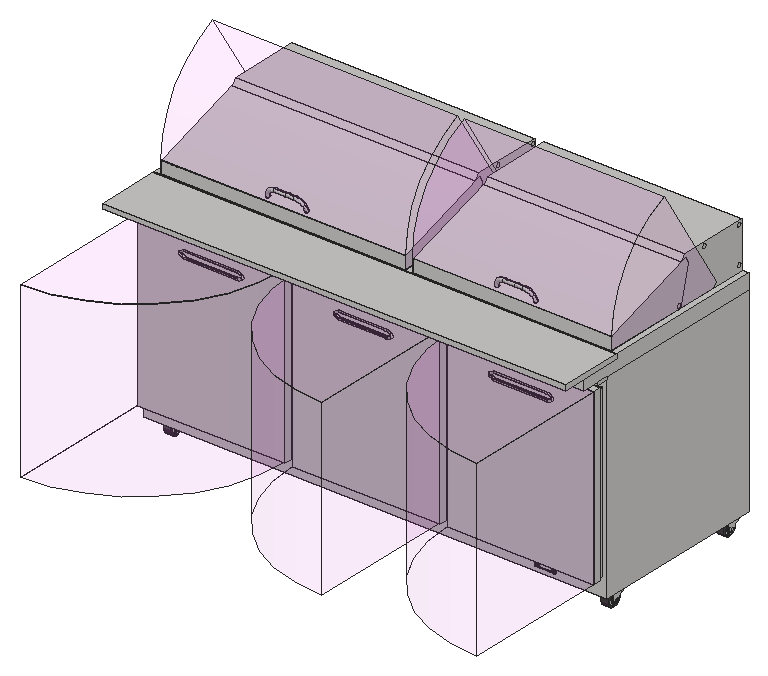
Revit family "QF_Kelvinator_738262_KCHMT70.30", category Specialty Equipment, Revit 2021 (continued)
Definition of nested family "KCHST"
  Automatic sketch dimensions
    Extrusion 44 sketch curve to Extrusion 39 = 1.02547"
    Extrusion 45 sketch curve to Extrusion 39 = 0.5466"
    Extrusion 45 sketch curve to Extrusion 39 = 0.46203"
    Extrusion 46 sketch curve to Extrusion 39 = 0.46203"
    Extrusion 46 sketch curve to Extrusion 39 = 7.2966"
    plane 25 to Sweep 47 sketch curve = 5.71645"
    Sweep 47 sketch curve to Sweep 47 sketch curve = 3/4"  (x2)
    Sweep 47 sketch curve to Sweep 47 sketch curve = 1 7/8"
    Sweep 47 sketch curve to Sweep 47 sketch curve = 1 1/4"
    Sweep 47 sketch curve to Sweep 47 sketch curve = 5/32"  (x2)
    Sweep 47 sketch curve to profile plane = 0.69146"
    profile plane to Sweep 47 sketch curve = 17.59878"
    Extrusion 48 sketch curve to plane 12 = 0.52547"
    plane 8 "Center X" to Extrusion 48 sketch curve = 5.45697"
    plane 1 "BACK" to Extrusion 49 sketch curve = 0.5466"
    Extrusion 49 sketch curve to plane 12 = 1.02547"
    plane 1 "BACK" to Extrusion 50 sketch curve = 0.5466"
    Extrusion 50 sketch curve to plane 6 "TOP" = 0.46203"
    Extrusion 51 sketch curve to plane 6 "TOP" = 0.46203"
    plane 1 "BACK" to Extrusion 51 sketch curve = 7.2966"
    plane 30 to Sweep 52 sketch curve = 2 5/16"
    Sweep 52 sketch curve to Sweep 52 sketch curve = 3/4"  (x2)
    Sweep 52 sketch curve to plane 30 = 5/16"
    Sweep 52 sketch curve to Sweep 52 sketch curve = 1 1/4"
    Sweep 52 sketch curve to Sweep 52 sketch curve = 5/32"  (x2)
    Sweep 52 sketch curve to profile plane = 0.69146"
    profile plane to Sweep 52 sketch curve = 17.59878"
    plane 12 to Extrusion 53 sketch curve = 0"
    Extrusion 53 sketch curve to plane 12 = 0.6283"
    Extrusion 53 sketch curve to plane 12 = 1.88871"
    plane 8 "Center X" to Extrusion 53 sketch curve = 2.60064"
    plane 6 "TOP" to Extrusion 53 sketch curve = 9.79957"
    plane 8 "Center X" to Extrusion 53 sketch curve = 8.66111"
    Extrusion 53 sketch curve to Extrusion 53 sketch curve = 3.3834"
    Extrusion 53 sketch curve to Extrusion 53 sketch curve = 0.67377"
    Extrusion 16 to Extrusion 54 sketch curve = 0"  (x2)
    Extrusion 54 sketch curve to Extrusion 16 = 0"  (x3)
    Extrusion 54 sketch curve to Extrusion 54 sketch curve = 1 1/4"  (x2)
    Extrusion 54 sketch curve to Extrusion 54 sketch curve = 22 3/4"
    Extrusion 16 to Extrusion 54 sketch curve = 22 3/4"
    Extrusion 55 sketch curve to Extrusion 39 = 0"
    Extrusion 39 to Extrusion 55 sketch curve = 25 1/4"
    Extrusion 39 to Extrusion 55 sketch curve = 15.11586"
    Extrusion 39 to Extrusion 55 sketch curve = 1.88871"
    Extrusion 39 to Extrusion 55 sketch curve = 9.05539"
    Extrusion 55 sketch curve to Extrusion 55 sketch curve = 3.3834"
    Extrusion 39 to Extrusion 55 sketch curve = 0.6283"
    Extrusion 55 sketch curve to Extrusion 55 sketch curve = 0.67377"
    radius of Extrusion 9 sketch curve = 1/4"
    radius of Extrusion 30 sketch curve = 1/4"
    radius of Extrusion 31 sketch curve = 1/4"
    radius of Extrusion 32 sketch curve = 1/4"
    radius of Extrusion 33 sketch curve = 1/4"
    radius of Extrusion 34 sketch curve = 1/4"
    radius of Extrusion 35 sketch curve = 1/4"
    radius of Extrusion 36 sketch curve = 1/4"
    radius of Extrusion 37 sketch curve = 1/4"
    radius of Extrusion 40 sketch curve = 1/4"
    radius of Extrusion 41 sketch curve = 1/4"
    radius of Extrusion 42 sketch curve = 1/4"
    radius of Extrusion 43 sketch curve = 1/4"
    radius of Extrusion 44 sketch curve = 1/4"
    radius of Extrusion 45 sketch curve = 1/4"
    radius of Extrusion 46 sketch curve = 1/4"
    radius of Sweep 47 sketch curve = 1/4"
    radius of Extrusion 48 sketch curve = 1/4"
    radius of Extrusion 49 sketch curve = 1/4"
    radius of Extrusion 50 sketch curve = 1/4"
    radius of Extrusion 51 sketch curve = 1/4"
    radius of Sweep 52 sketch curve = 1/4"
  Nested families (in)
    nested 1: "3 INCHES 01_CASTER" at (69.75, -24.75, 0), type "3 INCHES 01_CASTER"
      with Type Mark "", Specification by User "", Revision Code "", Item Number "", Installed By "", Identify Quantity as Lot yes, Furnished By "", Foodservice Equipment Identifier yes, 3 Inches Caster yes
    nested 2: "3 INCHES 01_CASTER" at (2, -24.75, 0), type "3 INCHES 01_CASTER"
      with Type Mark "", Specification by User "", Revision Code "", Item Number "", Installed By "", Identify Quantity as Lot yes, Furnished By "", Foodservice Equipment Identifier yes, 3 Inches Caster yes
    nested 3: "3 INCHES 01_CASTER" at (69.75, -2.375, 0), type "3 INCHES 01_CASTER"
      with Type Mark "", Specification by User "", Revision Code "", Item Number "", Installed By "", Identify Quantity as Lot yes, Furnished By "", Foodservice Equipment Identifier yes, 3 Inches Caster yes
    nested 4: "3 INCHES 01_CASTER" at (2, -2.375, 0), type "3 INCHES 01_CASTER"
      with Type Mark "", Specification by User "", Revision Code "", Item Number "", Installed By "", Identify Quantity as Lot yes, Furnished By "", Foodservice Equipment Identifier yes, 3 Inches Caster yes
  Definition of nested family "3 INCHES 01_CASTER"
    Parameters (values of type "3 INCHES 01_CASTER")
      Weight = ""
      URL Manufacturer = ""
      URL Cutsheet = ""
      URL = ""
      Type Mark [instance] = ""
      Specification by User [instance] = ""
      Specification by Manufacturer = ""
      Serial Number = ""
      Seismic Rating = ""
      SMACNA No = ""
      Revision Code [instance] = ""
      Omniclass Number and Title = ""
      NAFEM Spec ID Number = ""
      Model = ""
      MasterSpec. = ""
      Manufacturer = ""
      Item Number [instance] = ""
      Installed By [instance] = ""
      Identify Quantity as Lot [instance] = yes
      Furnished By [instance] = ""
      Foodservice Equipment Identifier [instance] = yes
      Description = ""
      Default Elevation = 0"
      CSI MasterFormat = ""
      CSI Master Format = ""
      Assembly Code = ""
      3 Inches Caster [instance] = yes
    Reference planes (in)
      plane 1: z = 0
      plane 2 "RIGHT": x = 0
      plane 3 "FRONT": y = 0
      plane 4 "TOP": z = 3.1
    Forms (in)
      Revolve 1, solid, visible <- "3 Inches Caster"
        sketch origin (-1.93794, 0.56004, -1.0041) x (1, 0, 0) y (0, 0, 1)
          loop
            line (0.74055, 2.11347) -> (0.74055, 2.03797) -> (0.79055, 1.98797) -> (0.85055, 1.98797) -> (0.85055, 1.8679) -> (1.235, 1.8679) -> (1.235, 1.7068) -> (1.36441, 1.63209) -> (1.4003, 1.41035) -> (1.34375, 1.41035) -> (1.34375, 1.28535) -> (1.375, 1.28535) -> (1.375, 1.0041) -> (2.48438, 1.0041) -> (2.48438, 1.28535) -> (2.51563, 1.28535) -> (2.51563, 1.41035) -> (2.45908, 1.41035) -> (2.49553, 1.6356) -> (2.62438, 1.70999) -> (2.62438, 1.8679) -> (3.04007, 1.8679) -> (3.04007, 1.98797) -> (3.10007, 1.98797) -> (3.15007, 2.03797) -> (3.15007, 2.11347) -> (0.74055, 2.11347)
          axis (0.74055, 2.11347) -> (3.15007, 2.11347)
        angle from 0 to 360
      Extrusion 2, solid, visible <- "3 Inches Caster"
        sketch origin (-1.93794, 1.35294, -3.2541) x (0, 1, 0) y (0, 0, 1)
          loop
            line (-0.41094, 5.86793) -> (-0.41094, 6.01276) -> (-2.29494, 6.01276) -> (-2.29494, 5.71244) -> (-1.82301, 5.71244)
            arc (-1.82301, 5.71244) -> (-1.00307, 5.59865) -> (-0.19592, 5.41488) r 9.6332
            arc (-0.19592, 5.41488) -> (0.12646, 5.29481) -> (0.42224, 5.11916) r 1.92059
            line (0.42224, 5.11916) -> (0.51314, 5.245)
            arc (0.51314, 5.245) -> (0.27353, 5.42569) -> (0.01201, 5.5729) r 2.25036
            line (0.01201, 5.5729) -> (0.09371, 5.71426)
            arc (0.09371, 5.71426) -> (-0.15272, 5.81043) -> (-0.41094, 5.86793) r 1.73151
        from 1.17357 to 2.70231
      Revolve 3, solid, visible <- "3 Inches Caster"
        sketch origin (0, 1.73858, -3.25) x (0, 1, 0) y (0, 0, 1)
          loop
            line (-1.73858, 6.35) -> (-1.73858, 6.00866) -> (-0.93293, 6.00866) -> (-0.93293, 6.35) -> (-1.73858, 6.35)
          axis (-1.73858, 6.00866) -> (-1.73858, 6.35)
        angle from 0 to 360
      Extrusion 4, solid, visible <- "3 Inches Caster"
        sketch origin (-1.98481, 1.35294, -1.7541) x (0, 1, 0) y (0, 0, 1)
          loop
            line (-2.29494, 4.51276) -> (-2.29494, 4.21244) -> (-2.2074, 4.21244)
            arc (-2.2074, 4.21244) -> (-1.58796, 3.87196) -> (-1.3103, 3.22193) r 1.0835
            arc (-1.3103, 3.22193) -> (-1.27304, 2.98711) -> (-1.19616, 2.76214) r 1.38462
            arc (-1.19616, 2.76214) -> (-0.77704, 2.49744) -> (-0.37393, 2.78593) r 0.44401
            arc (-0.37393, 2.78593) -> (-0.35491, 2.84407) -> (-0.34077, 2.90358) r 0.74034
            arc (-0.34077, 2.90358) -> (-0.07302, 3.38916) -> (0.4279, 3.62699) r 0.90376
            line (0.4279, 3.62699) -> (0.51314, 3.745)
            arc (0.51314, 3.745) -> (0.27353, 3.92569) -> (0.01201, 4.0729) r 2.25036
            line (0.01201, 4.0729) -> (0.09371, 4.21426)
            arc (0.09371, 4.21426) -> (-0.15272, 4.31043) -> (-0.41094, 4.36793) r 1.73151
            line (-0.41094, 4.36793) -> (-0.41094, 4.51276) -> (-2.29494, 4.51276)
        from 2.74918 to 2.90825
      Extrusion 5, solid, visible <- "3 Inches Caster"
        sketch origin (1.98481, 1.35294, -1.7541) x (0, 1, 0) y (0, 0, -1)
          loop
            line (-2.29494, -4.51276) -> (-0.41094, -4.51276) -> (-0.41094, -4.36793)
            arc (-0.41094, -4.36793) -> (-0.15272, -4.31043) -> (0.09371, -4.21426) r 1.73151
            line (0.09371, -4.21426) -> (0.01201, -4.0729)
            arc (0.01201, -4.0729) -> (0.27353, -3.92569) -> (0.51314, -3.745) r 2.25036
            line (0.51314, -3.745) -> (0.4279, -3.62699)
            arc (0.4279, -3.62699) -> (-0.07302, -3.38916) -> (-0.34077, -2.90358) r 0.90376
            arc (-0.34077, -2.90358) -> (-0.35491, -2.84407) -> (-0.37393, -2.78593) r 0.74034
            arc (-0.37393, -2.78593) -> (-0.77704, -2.49744) -> (-1.19616, -2.76214) r 0.44401
            arc (-1.19616, -2.76214) -> (-1.27304, -2.98711) -> (-1.3103, -3.22193) r 1.38462
            arc (-1.3103, -3.22193) -> (-1.58796, -3.87196) -> (-2.2074, -4.21244) r 1.0835
            line (-2.2074, -4.21244) -> (-2.29494, -4.21244) -> (-2.29494, -4.51276)
        from 2.74918 to 2.90825
    Cuts and joins
      joined: Extrusion 2, Extrusion 4, Extrusion 5
    Lines and regions (in)
      symbolic lines, visible <- "3 Inches Caster"
        curve 1: line (0.1877, 1.65194, 0) -> (0.89063, 1.2461, 0)
        curve 2: line (-1.00175, -0.40823, 0) -> (0.1877, 1.65194, 0)
        curve 3: line (-0.29881, -0.81407, 0) -> (-1.00175, -0.40823, 0)
        curve 4: line (0.89063, 1.2461, 0) -> (-0.29881, -0.81407, 0)
    Dimensions and locks (in)
      plane 4 "TOP" to level = 3.1"  (x2)
      aligned and locked: level to plane 1
